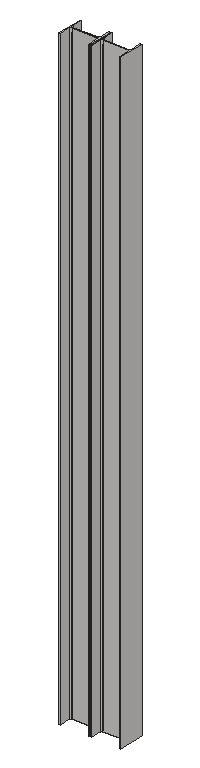
Revit family "Pilar_Met_Dup_Esq", category Structural Columns, Revit 2020
Family settings
  Section Shape = Not Defined
  Material for Model Behavior = Other
  Always export as geometry = No
  Beam cutback in plan = From bounding box
  OmniClass Number = 23.25.30.11.14.11
  OmniClass Title = Columns
  Cut with Voids When Loaded = No
  Symbolic Representation = From Family
  Shared = No
  Show family pre-cut in plan views = Yes
Parameters
  Material_Estrutura_Metalica = Aço, 45-345
  Depth = 500 mm
  Width = 500 mm
Reference planes
  plane 1 "Center (Front/Back)": y = 0
  plane 2: z = 0
  plane 3 "Center (Left/Right)": x = 0
Dimensions and locks
  aligned and locked: level to plane 2
  aligned and locked: level to nested 1  (x3)
  aligned and locked: nested 1 to level
  aligned and locked: level to nested 2  (x3)
  aligned and locked: nested 2 to level
  aligned and locked: plane 3 "Center (Left/Right)" to nested 2
  aligned and locked: nested 1 to nested 2
Nested families
  nested 1: "Pilares W Gerdau" at (-301.5, 0, 0) x (0, 1, 0) z (0, 0, 1), Structural Material <- "Material_Estrutura_Metalica", type "W610X217"
    with pm 217, built-in parameter 1005500 Aço, 45-345, pt 868000 mm, compr 4000 mm, Comprimento 4000 mm
  nested 2: "Pilares W Gerdau" at (-100.5, 0, 0) x (0, 1, 0) z (0, 0, 1), Structural Material <- "Material_Estrutura_Metalica", type "W610X217"
    with pm 217, built-in parameter 1005500 Aço, 45-345, pt 868000 mm, compr 4000 mm, Comprimento 4000 mm
Definition of nested family "Pilares W Gerdau"
  Parameters (values of type "W200X35.9")
    tipo = "200x35.9"
    tip_secao = "W"
    tag = ""
    pt [instance] = compr * pm  # 89750 mm
    pm [instance] = Peso Nominal  # 35.9
    nome = "W200x35.9"
    material = "AÇO ASTM A572 - GR50"
    compr [instance] = Comprimento  # 2500 mm
    Peso Nominal = 35.9
    Width = 165 mm
    Web Thickness = 6.22 mm
    Web Fillet = 10 mm
    Warping Constant = 0.0000868 (stored number, unit not read)
    Torsional Moment of Inertia = 14.4 cm⁴
    Structural Material [instance] = none
    Comprimento [instance] = 2500 mm
    Section Name Key = "W8x24"
    Section Area = 45.7 cm²
    Plastic Modulus weak axis = 140 cm³
    Plastic Modulus strong axis = 379 cm³
    Perimeter = 3.3793 (stored number, unit not read)
    Nominal Weight = 352.06 N/m
    Moment of Inertia weak axis = 762 cm⁴
    Moment of Inertia strong axis = 3440 cm⁴
    Height = 201 mm
    Flange Thickness = 10.2 mm
    Elastic Modulus weak axis = 92.3 cm³
    Elastic Modulus strong axis = 342 cm³
    Centroid Vertical = Height / 2  # 100.5 mm
    Centroid Horizontal = Width / 2  # 82.5 mm
    Assembly Code = ""
  Types (102, lengths in mm): name | tipo | pt | pm | nome | Peso Nominal | Width | Web Thickness | Web Fillet | Warping Constant | Torsional Moment of Inertia | Section Name Key | Section Area | Plastic Modulus weak axis | Plastic Modulus strong axis | Perimeter | Nominal Weight | Moment of Inertia weak axis | Moment of Inertia strong axis | Height | Flange Thickness | Elastic Modulus weak axis | Elastic Modulus strong axis | Centroid Vertical | Centroid Horizontal
    W200X35.9 | "200x35.9" | 89750 | 35.9 | "W200x35.9" | 35.9 | 165 | 6.22 | 10 | 0.0000868 (stored number, unit not read) | 14.4 cm⁴ | "W8x24" | 45.7 cm² | 140 cm³ | 379 cm³ | 3.3793 (stored number, unit not read) | 352.06 N/m | 762 cm⁴ | 3440 cm⁴ | 201 | 10.2 | 92.3 cm³ | 342 cm³ | 100.5 | 82.5
    W610X82 | "610x82" | 205000 | 82 | "W610x82" | 82 | 178 | 10 | 12.9 | 0.001297 (stored number, unit not read) | 49.1 cm⁴ | "W24x55" | 105.0 cm² | 218 cm³ | 2200 cm³ | 6.1352 (stored number, unit not read) | 804.14 N/m | 1210 cm⁴ | 56200 cm⁴ | 599 | 12.8 | 136 cm³ | 1870 cm³ | 299.5 | 89
    W610X92 | "610x92" | 230000 | 92 | "W610x92" | 92 | 179 | 10.9 | 12.7 | 0.0015464 (stored number, unit not read) | 71.2 cm⁴ | "W24x62" | 117.0 cm² | 257 cm³ | 2510 cm³ | 6.1352 (stored number, unit not read) | 902.21 N/m | 1440 cm⁴ | 64500 cm⁴ | 602 | 15 | 161 cm³ | 2150 cm³ | 301 | 89.5
    W610X101 | "610x101" | 252500 | 101 | "W610x101" | 101 | 228 | 10.5 | 12.8 | 0.0031552 (stored number, unit not read) | 77.8 cm⁴ | "W24x68" | 130.0 cm² | 401 cm³ | 2900 cm³ | 6.7913 (stored number, unit not read) | 990.47 N/m | 2930 cm⁴ | 76200 cm⁴ | 602 | 14.9 | 257 cm³ | 2520 cm³ | 301 | 114
    W610X113 | "610x113" | 282500 | 113 | "W610x113" | 113 | 228 | 11.2 | 12.7 | 0.0037164 (stored number, unit not read) | 112 cm⁴ | "W24x76" | 145.0 cm² | 469 cm³ | 3280 cm³ | 6.8241 (stored number, unit not read) | 1108.1 N/m | 3430 cm⁴ | 87400 cm⁴ | 607 | 17.3 | 302 cm³ | 2880 cm³ | 303.5 | 114
    W610X125 | "610x125" | 312500 | 125 | "W610x125" | 125 | 229 | 11.9 | 12.7 | 0.0042901 (stored number, unit not read) | 154 cm⁴ | "W24x84" | 159.0 cm² | 534 cm³ | 3670 cm³ | 6.8898 (stored number, unit not read) | 1225.8 N/m | 3930 cm⁴ | 98600 cm⁴ | 612 | 19.6 | 342 cm³ | 3210 cm³ | 306 | 114.5
    W610X140 | "610x140" | 350000 | 140 | "W610x140" | 140 | 230 | 13.1 | 12.9 | 0.0050259 (stored number, unit not read) | 219 cm⁴ | "W24x94" | 179.0 cm² | 615 cm³ | 4160 cm³ | 6.9226 (stored number, unit not read) | 1372.9 N/m | 4540 cm⁴ | 112000 cm⁴ | 617 | 22.2 | 393 cm³ | 3640 cm³ | 308.5 | 115
    W610X153 | "610x153" | 382500 | 153 | "W610x153" | 153 | 229 | 14 | 12.7 | 0.0055622 (stored number, unit not read) | 294 cm⁴ | "W24x103" | 195.0 cm² | 680 cm³ | 4590 cm³ | 6.9226 (stored number, unit not read) | 1500.4 N/m | 4950 cm⁴ | 125000 cm⁴ | 622 | 24.9 | 434 cm³ | 4010 cm³ | 311 | 114.5
    W610X155 | "610x155" | 387500 | 155 | "W610x155" | 155 | 325 | 12.7 | 12.7 | 0.011785 (stored number, unit not read) | 196 cm⁴ | "W24x104" | 198.0 cm² | 1020 cm³ | 4740 cm³ | 8.1365 (stored number, unit not read) | 1520 N/m | 10800 cm⁴ | 129000 cm⁴ | 612 | 19.1 | 667 cm³ | 4230 cm³ | 306 | 162.5
    W610X174 | "610x174" | 435000 | 174 | "W610x174" | 174 | 325 | 14 | 12.7 | 0.013718 (stored number, unit not read) | 280 cm⁴ | "W24x117" | 222.0 cm² | 1170 cm³ | 5360 cm³ | 8.1365 (stored number, unit not read) | 1706.4 N/m | 12400 cm⁴ | 147000 cm⁴ | 617 | 21.6 | 762 cm³ | 4770 cm³ | 308.5 | 162.5
    W610X195 | "610x195" | 487500 | 195 | "W610x195" | 195 | 328 | 15.4 | 12.7 | 0.015714 (stored number, unit not read) | 395 cm⁴ | "W24x131" | 249.0 cm² | 1340 cm³ | 6060 cm³ | 8.2021 (stored number, unit not read) | 1912.3 N/m | 14200 cm⁴ | 167000 cm⁴ | 622 | 24.4 | 869 cm³ | 5390 cm³ | 311 | 164
    W610X217 | "610x217" | 542500 | 217 | "W610x217" | 217 | 328 | 16.5 | 12.7 | 0.018333 (stored number, unit not read) | 558 cm⁴ | "W24x146" | 277.0 cm² | 1530 cm³ | 6850 cm³ | 8.2349 (stored number, unit not read) | 2128 N/m | 16300 cm⁴ | 191000 cm⁴ | 627 | 27.7 | 991 cm³ | 6080 cm³ | 313.5 | 164
    W530X66 | "530x66" | 165000 | 66 | "W530x66" | 66 | 165 | 8.89 | 12.7 | 0.00070712 (stored number, unit not read) | 32 cm⁴ | "W21x44" | 83.9 cm² | 167 cm³ | 1560 cm³ | 5.479 (stored number, unit not read) | 647.24 N/m | 862 cm⁴ | 35100 cm⁴ | 526 | 11.4 | 104 cm³ | 1340 cm³ | 263 | 82.5
    W530X72 | "530x72" | 180000 | 72 | "W530x72" | 72 | 207 | 8.89 | 12.7 | 0.001322 (stored number, unit not read) | 33.4 cm⁴ | "W21x48" | 91.0 cm² | 244 cm³ | 1750 cm³ | 6.0039 (stored number, unit not read) | 706.08 N/m | 1610 cm⁴ | 39900 cm⁴ | 523 | 10.9 | 156 cm³ | 1520 cm³ | 261.5 | 103.5
    W530X74 | "530x74" | 185000 | 74 | "W530x74" | 74 | 166 | 9.65 | 12.8 | 0.00086052 (stored number, unit not read) | 47.5 cm⁴ | "W21x50" | 94.8 cm² | 200 cm³ | 1800 cm³ | 5.5118 (stored number, unit not read) | 725.69 N/m | 1040 cm⁴ | 41000 cm⁴ | 528 | 13.6 | 125 cm³ | 1550 cm³ | 264 | 83
    W530X82 | "530x82" | 205000 | 82 | "W530x82" | 82 | 209 | 9.53 | 12.6 | 0.0016711 (stored number, unit not read) | 51.6 cm⁴ | "W21x55" | 105.0 cm² | 302 cm³ | 2060 cm³ | 6.0696 (stored number, unit not read) | 804.14 N/m | 2010 cm⁴ | 47500 cm⁴ | 528 | 13.3 | 193 cm³ | 1800 cm³ | 264 | 104.5
    W530X85 | "530x85" | 212500 | 85 | "W530x85" | 85 | 167 | 10.3 | 12.7 | 0.0010688 (stored number, unit not read) | 73.7 cm⁴ | "W21x57" | 108.0 cm² | 243 cm³ | 2110 cm³ | 5.5774 (stored number, unit not read) | 833.56 N/m | 1270 cm⁴ | 48700 cm⁴ | 536 | 16.5 | 153 cm³ | 1820 cm³ | 268 | 83.5
    W530X92 | "530x92" | 230000 | 92 | "W530x92" | 92 | 209 | 10.2 | 12.8 | 0.0019954 (stored number, unit not read) | 76.2 cm⁴ | "W21x62" | 118.0 cm² | 356 cm³ | 2360 cm³ | 6.1024 (stored number, unit not read) | 902.21 N/m | 2390 cm⁴ | 55400 cm⁴ | 533 | 15.6 | 229 cm³ | 2080 cm³ | 266.5 | 104.5
    W530X101 | "530x101" | 252500 | 101 | "W530x101" | 101 | 210 | 10.9 | 12.8 | 0.0022698 (stored number, unit not read) | 102 cm⁴ | "W21x68" | 129.0 cm² | 400 cm³ | 2620 cm³ | 6.1352 (stored number, unit not read) | 990.47 N/m | 2690 cm⁴ | 61600 cm⁴ | 536 | 17.4 | 257 cm³ | 2290 cm³ | 268 | 105
    W530X109 | "530x109" | 272500 | 109 | "W530x109" | 109 | 211 | 11.6 | 12.7 | 0.0024818 (stored number, unit not read) | 126 cm⁴ | "W21x73" | 139.0 cm² | 436 cm³ | 2820 cm³ | 6.1352 (stored number, unit not read) | 1068.9 N/m | 2940 cm⁴ | 66600 cm⁴ | 538 | 18.8 | 279 cm³ | 2470 cm³ | 269 | 105.5
    W530X123 | "530x123" | 307500 | 123 | "W530x123" | 123 | 212 | 13.1 | 12.8 | 0.0028933 (stored number, unit not read) | 181 cm⁴ | "W21x83" | 157.0 cm² | 500 cm³ | 3210 cm³ | 6.2008 (stored number, unit not read) | 1206.2 N/m | 3390 cm⁴ | 76200 cm⁴ | 544 | 21.2 | 320 cm³ | 2800 cm³ | 272 | 106
    W530X138 | "530x138" | 345000 | 138 | "W530x138" | 138 | 214 | 14.7 | 12.7 | 0.0033298 (stored number, unit not read) | 251 cm⁴ | "W21x93" | 176.0 cm² | 569 cm³ | 3620 cm³ | 6.2336 (stored number, unit not read) | 1353.3 N/m | 3870 cm⁴ | 86200 cm⁴ | 549 | 23.6 | 362 cm³ | 3150 cm³ | 274.5 | 107
    W460X52 | "460x52" | 130000 | 52 | "W460x52" | 52 | 152 | 7.62 | 10.2 | 0.00038162 (stored number, unit not read) | 21.1 cm⁴ | "W18x35" | 66.5 cm² | 132 cm³ | 1090 cm³ | 4.8556 (stored number, unit not read) | 509.94 N/m | 637 cm⁴ | 21200 cm⁴ | 450 | 10.8 | 83.9 cm³ | 944 cm³ | 225 | 76
    W460X60 | "460x60" | 150000 | 60 | "W460x60" | 60 | 153 | 8 | 10.2 | 0.00048264 (stored number, unit not read) | 33.7 cm⁴ | "W18x40" | 76.1 cm² | 164 cm³ | 1280 cm³ | 4.8885 (stored number, unit not read) | 588.4 N/m | 795 cm⁴ | 25500 cm⁴ | 455 | 13.3 | 104 cm³ | 1120 cm³ | 227.5 | 76.5
    W460X68 | "460x68" | 170000 | 68 | "W460x68" | 68 | 154 | 9.14 | 10.3 | 0.00057617 (stored number, unit not read) | 50.8 cm⁴ | "W18x46" | 87.1 cm² | 192 cm³ | 1490 cm³ | 4.9213 (stored number, unit not read) | 666.85 N/m | 937 cm⁴ | 29600 cm⁴ | 460 | 15.4 | 122 cm³ | 1290 cm³ | 230 | 77
    W460X74 | "460x74" | 185000 | 74 | "W460x74" | 74 | 191 | 9.02 | 10.2 | 0.0010177 (stored number, unit not read) | 51.6 cm⁴ | "W18x50" | 94.8 cm² | 272 cm³ | 1660 cm³ | 5.3806 (stored number, unit not read) | 725.69 N/m | 1670 cm⁴ | 33300 cm⁴ | 457 | 14.5 | 175 cm³ | 1460 cm³ | 228.5 | 95.5
    W460X82 | "460x82" | 205000 | 82 | "W460x82" | 82 | 191 | 9.91 | 10.2 | 0.0011486 (stored number, unit not read) | 69.1 cm⁴ | "W18x55" | 105.0 cm² | 303 cm³ | 1840 cm³ | 5.4134 (stored number, unit not read) | 804.14 N/m | 1870 cm⁴ | 37000 cm⁴ | 460 | 16 | 195 cm³ | 1610 cm³ | 230 | 95.5
    W460X89 | "460x89" | 222500 | 89 | "W460x89" | 89 | 192 | 10.5 | 10.2 | 0.0012845 (stored number, unit not read) | 90.3 cm⁴ | "W18x60" | 114.0 cm² | 338 cm³ | 2020 cm³ | 5.4134 (stored number, unit not read) | 872.79 N/m | 2090 cm⁴ | 41000 cm⁴ | 462 | 17.7 | 218 cm³ | 1770 cm³ | 231 | 96
    W460X97 | "460x97" | 242500 | 97 | "W460x97" | 97 | 193 | 11.4 | 10.1 | 0.0014217 (stored number, unit not read) | 114 cm⁴ | "W18x65" | 123.0 cm² | 369 cm³ | 2180 cm³ | 5.479 (stored number, unit not read) | 951.24 N/m | 2280 cm⁴ | 44500 cm⁴ | 467 | 19.1 | 236 cm³ | 1920 cm³ | 233.5 | 96.5
    W460X106 | "460x106" | 265000 | 106 | "W460x106" | 106 | 194 | 12.6 | 10.1 | 0.0015714 (stored number, unit not read) | 145 cm⁴ | "W18x71" | 135.0 cm² | 405 cm³ | 2390 cm³ | 5.479 (stored number, unit not read) | 1039.5 N/m | 2510 cm⁴ | 48700 cm⁴ | 470 | 20.6 | 259 cm³ | 2080 cm³ | 235 | 97
    W410X38.8 | "410x38.8" | 97000 | 38.8 | "W410x38.8" | 38.8 | 140 | 6.35 | 10.24 | 0.00018956 (stored number, unit not read) | 10.9 cm⁴ | "W16x26" | 49.5 cm² | 89.8 cm³ | 724 cm³ | 4.3635 (stored number, unit not read) | 380.5 N/m | 399 cm⁴ | 12500 cm⁴ | 399 | 8.76 | 57.2 cm³ | 629 cm³ | 199.5 | 70
    W410X46.1 | "410x46.1" | 115250 | 46.1 | "W410x46.1" | 46.1 | 140 | 6.99 | 10.2 | 0.00024693 (stored number, unit not read) | 19.2 cm⁴ | "W16x31" | 58.9 cm² | 115 cm³ | 885 cm³ | 4.3963 (stored number, unit not read) | 452.08 N/m | 516 cm⁴ | 15600 cm⁴ | 404 | 11.2 | 73.6 cm³ | 773 cm³ | 202 | 70
    W410X53 | "410x53" | 132500 | 53 | "W410x53" | 53 | 178 | 7.49 | 10.2 | 0.00048887 (stored number, unit not read) | 22.7 cm⁴ | "W16x36" | 68.4 cm² | 177 cm³ | 1050 cm³ | 4.8885 (stored number, unit not read) | 519.75 N/m | 1020 cm⁴ | 18600 cm⁴ | 404 | 10.9 | 115 cm³ | 926 cm³ | 202 | 89
    W410X60 | "410x60" | 150000 | 60 | "W410x60" | 60 | 178 | 7.75 | 10.2 | 0.00057991 (stored number, unit not read) | 33 cm⁴ | "W16x40" | 76.1 cm² | 208 cm³ | 1200 cm³ | 4.8885 (stored number, unit not read) | 588.4 N/m | 1200 cm⁴ | 21600 cm⁴ | 406 | 12.8 | 135 cm³ | 1060 cm³ | 203 | 89
    W410X67 | "410x67" | 167500 | 67 | "W410x67" | 67 | 179 | 8.76 | 10.2 | 0.00066597 (stored number, unit not read) | 46.2 cm⁴ | "W16x45" | 85.8 cm² | 238 cm³ | 1350 cm³ | 4.9213 (stored number, unit not read) | 657.04 N/m | 1370 cm⁴ | 24400 cm⁴ | 409 | 14.4 | 153 cm³ | 1190 cm³ | 204.5 | 89.5
    W410X75 | "410x75" | 187500 | 75 | "W410x75" | 75 | 180 | 9.65 | 10.2 | 0.00076075 (stored number, unit not read) | 63.3 cm⁴ | "W16x50" | 94.8 cm² | 267 cm³ | 1510 cm³ | 4.9541 (stored number, unit not read) | 735.5 N/m | 1550 cm⁴ | 27400 cm⁴ | 414 | 16 | 172 cm³ | 1330 cm³ | 207 | 90
    W410X85 | "410x85" | 212500 | 85 | "W410x85" | 85 | 181 | 10.9 | 10.2 | 0.00089045 (stored number, unit not read) | 92.4 cm⁴ | "W16x57" | 108.0 cm² | 310 cm³ | 1720 cm³ | 4.9869 (stored number, unit not read) | 833.56 N/m | 1790 cm⁴ | 31600 cm⁴ | 417 | 18.2 | 198 cm³ | 1510 cm³ | 208.5 | 90.5
    W360X32.9 | "360x32.9" | 82250 | 32.9 | "W360x32.9" | 32.9 | 127 | 5.84 | 10.19 | 0.00010513 (stored number, unit not read) | 8.66 cm⁴ | "W14x22" | 41.9 cm² | 71.9 cm³ | 544 cm³ | 3.8714 (stored number, unit not read) | 322.64 N/m | 291 cm⁴ | 8280 cm⁴ | 348 | 8.51 | 45.9 cm³ | 475 cm³ | 174 | 63.5
    W360X39 | "360x39" | 97500 | 39 | "W360x39" | 39 | 128 | 6.48 | 10.1 | 0.00013594 (stored number, unit not read) | 14.9 cm⁴ | "W14x26" | 49.6 cm² | 90.8 cm³ | 659 cm³ | 3.9042 (stored number, unit not read) | 382.46 N/m | 371 cm⁴ | 10200 cm⁴ | 353 | 10.7 | 58.2 cm³ | 578 cm³ | 176.5 | 64
    W360X44 | "360x44" | 110000 | 44 | "W360x44" | 44 | 171 | 6.86 | 10.12 | 0.00026439 (stored number, unit not read) | 24.3 cm⁴ | "W14x30" | 57.1 cm² | 147 cm³ | 775 cm³ | 4.4291 (stored number, unit not read) | 431.49 N/m | 1520 cm⁴ | 7120 cm⁴ | 351 | 11 | 151 cm³ | 574 cm³ | 175.5 | 85.5
    W360X51 | "360x51" | 127500 | 51 | "W360x51" | 51 | 171 | 7.24 | 10.1 | 0.00035793 (stored number, unit not read) | 23.7 cm⁴ | "W14x34" | 64.5 cm² | 174 cm³ | 895 cm³ | 4.4619 (stored number, unit not read) | 500.14 N/m | 970 cm⁴ | 14200 cm⁴ | 356 | 11.6 | 113 cm³ | 796 cm³ | 178 | 85.5
    W360X57.8 | "360x57.8" | 144500 | 57.8 | "W360x57.8" | 57.8 | 172 | 7.87 | 10.1 | 0.00041155 (stored number, unit not read) | 33.2 cm⁴ | "W14x38" | 72.3 cm² | 198 cm³ | 1010 cm³ | 4.4948 (stored number, unit not read) | 566.82 N/m | 1110 cm⁴ | 16000 cm⁴ | 358 | 13.1 | 129 cm³ | 895 cm³ | 179 | 86
    W360X64 | "360x64" | 160000 | 64 | "W360x64" | 64 | 203 | 7.75 | 14.9 | 0.00065349 (stored number, unit not read) | 43.7 cm⁴ | "W14x43" | 81.3 cm² | 283 cm³ | 1140 cm³ | 4.8228 (stored number, unit not read) | 627.62 N/m | 1880 cm⁴ | 17800 cm⁴ | 348 | 13.5 | 185 cm³ | 1030 cm³ | 174 | 101.5
    W360X72 | "360x72" | 180000 | 72 | "W360x72" | 72 | 204 | 8.64 | 15.1 | 0.00075077 (stored number, unit not read) | 60.4 cm⁴ | "W14x48" | 91.0 cm² | 321 cm³ | 1280 cm³ | 4.8228 (stored number, unit not read) | 706.08 N/m | 2140 cm⁴ | 20100 cm⁴ | 351 | 15.1 | 210 cm³ | 1150 cm³ | 175.5 | 102
    W360X79 | "360x79" | 197500 | 79 | "W360x79" | 79 | 205 | 9.4 | 15 | 0.00085054 (stored number, unit not read) | 80.7 cm⁴ | "W14x53" | 101.0 cm² | 361 cm³ | 1430 cm³ | 4.8556 (stored number, unit not read) | 774.72 N/m | 2400 cm⁴ | 22500 cm⁴ | 353 | 16.8 | 234 cm³ | 1270 cm³ | 176.5 | 102.5
    W360X91 | "360x91" | 227500 | 91 | "W360x91" | 91 | 254 | 9.53 | 15.1 | 0.0015714 (stored number, unit not read) | 91.2 cm⁴ | "W14x61" | 115.0 cm² | 537 cm³ | 1670 cm³ | 5.5118 (stored number, unit not read) | 892.4 N/m | 4450 cm⁴ | 26600 cm⁴ | 353 | 16.4 | 352 cm³ | 1510 cm³ | 176.5 | 127
    W360X101 | "360x101" | 252500 | 101 | "W360x101" | 101 | 254 | 10.5 | 15 | 0.0017959 (stored number, unit not read) | 125 cm⁴ | "W14x68" | 129.0 cm² | 605 cm³ | 1880 cm³ | 5.5118 (stored number, unit not read) | 990.47 N/m | 5040 cm⁴ | 30100 cm⁴ | 356 | 18.3 | 397 cm³ | 1690 cm³ | 178 | 127
    W360X110 | "360x110" | 275000 | 110 | "W360x110" | 110 | 257 | 11.4 | 15.2 | 0.0020079 (stored number, unit not read) | 161 cm⁴ | "W14x74" | 141.0 cm² | 664 cm³ | 2060 cm³ | 5.5774 (stored number, unit not read) | 1078.7 N/m | 5580 cm⁴ | 33100 cm⁴ | 361 | 19.9 | 436 cm³ | 1840 cm³ | 180.5 | 128.5
    W360X122 | "360x122" | 305000 | 122 | "W360x122" | 122 | 257 | 13 | 15.1 | 0.0022448 (stored number, unit not read) | 211 cm⁴ | "W14x82" | 155.0 cm² | 734 cm³ | 2280 cm³ | 5.5774 (stored number, unit not read) | 1196.4 N/m | 6160 cm⁴ | 36700 cm⁴ | 363 | 21.7 | 480 cm³ | 2020 cm³ | 181.5 | 128.5
    W310X21 | "310x21" | 52500 | 21 | "W310x21" | 21 | 101 | 5.08 | 7.58 | 0.000026938 (stored number, unit not read) | 2.93 cm⁴ | "W12x14" | 26.8 cm² | 31.1 cm³ | 285 cm³ | 3.2349 (stored number, unit not read) | 205.94 N/m | 98.2 cm⁴ | 3690 cm⁴ | 302 | 5.72 | 19.5 cm³ | 244 cm³ | 151 | 50.5
    W310X23.8 | "310x23.8" | 59500 | 23.8 | "W310x23.8" | 23.8 | 101 | 5.59 | 7.67 | 0.000032425 (stored number, unit not read) | 4.29 cm⁴ | "W12x16" | 30.4 cm² | 37 cm³ | 329 cm³ | 3.2513 (stored number, unit not read) | 233.4 N/m | 117 cm⁴ | 4290 cm⁴ | 305 | 6.73 | 23.1 cm³ | 280 cm³ | 152.5 | 50.5
    W310X28.3 | "310x28.3" | 70750 | 28.3 | "W310x28.3" | 28.3 | 102 | 5.97 | 7.61 | 0.000043899 (stored number, unit not read) | 7.49 cm⁴ | "W12x19" | 35.9 cm² | 48.8 cm³ | 405 cm³ | 3.2808 (stored number, unit not read) | 277.53 N/m | 157 cm⁴ | 5410 cm⁴ | 310 | 8.89 | 30.8 cm³ | 349 cm³ | 155 | 51
    W310X32.7 | "W310x32.7" | 81750 | 32.7 | "W310x32.7" | 32.7 | 102 | 6.6 | 7.6 | 0.000054874 (stored number, unit not read) | 12.2 cm⁴ | "W12x22" | 41.8 cm² | 60 cm³ | 480 cm³ | 3.3136 (stored number, unit not read) | 320.68 N/m | 194 cm⁴ | 6490 cm⁴ | 312 | 10.8 | 37.9 cm³ | 416 cm³ | 156 | 51
    W310X38.7 | "310x38.7" | 96750 | 38.7 | "W310x38.7" | 38.7 | 165 | 5.84 | 7.65 | 0.00020328 (stored number, unit not read) | 12.5 cm⁴ | "W12x26" | 49.4 cm² | 134 cm³ | 610 cm³ | 4.101 (stored number, unit not read) | 379.52 N/m | 720 cm⁴ | 8490 cm⁴ | 310 | 9.65 | 87.5 cm³ | 547 cm³ | 155 | 82.5
    W310X44.5 | "310x44.5" | 111250 | 44.5 | "W310x44.5" | 44.5 | 166 | 6.6 | 7.6 | 0.0002407 (stored number, unit not read) | 19 cm⁴ | "W12x30" | 56.7 cm² | 157 cm³ | 706 cm³ | 4.1339 (stored number, unit not read) | 436.39 N/m | 845 cm⁴ | 9910 cm⁴ | 312 | 11.2 | 102 cm³ | 633 cm³ | 156 | 83
    W310X52 | "310x52" | 130000 | 52 | "W310x52" | 52 | 167 | 7.62 | 7.6 | 0.00029432 (stored number, unit not read) | 30.8 cm⁴ | "W12x35" | 66.5 cm² | 188 cm³ | 839 cm³ | 4.1667 (stored number, unit not read) | 509.94 N/m | 1020 cm⁴ | 11900 cm⁴ | 318 | 13.2 | 122 cm³ | 747 cm³ | 159 | 83.5
    W310X60* | "310x60*" | 150000 | 60 | "W310x60*" | 60 | 203 | 7.5 | 6.35 | 0.000000479 (stored number, unit not read) | 40.46 cm⁴ | "W12x40" | 0.761 cm² | 275.4 cm³ | 944.3 cm³ | 4.5276 (stored number, unit not read) | 588.4 N/m | 1829 cm⁴ | 12908 cm⁴ | 303 | 13.1 | 180.2 cm³ | 852 cm³ | 151.5 | 101.5
    W310X67* | "310x67*" | 167500 | 67 | "W310x67*" | 67 | 204 | 8.5 | 6.35 | 0.000000547 (stored number, unit not read) | 55.35 cm⁴ | "W12x45" | 0.853 cm² | 310.5 cm³ | 1060.4 cm³ | 4.5276 (stored number, unit not read) | 657.04 N/m | 2069 cm⁴ | 14559 cm⁴ | 306 | 14.6 | 202.8 cm³ | 951.5 cm³ | 153 | 102
    W310X74* | "310x74" | 185000 | 74 | "W310x74*" | 74 | 205 | 9.4 | 6.35 | 0.000000629 (stored number, unit not read) | 75.51 cm⁴ | "W12x50" | 0.951 cm² | 350.5 cm³ | 1192 cm³ | 4.5604 (stored number, unit not read) | 725.69 N/m | 2344 cm⁴ | 16501 cm⁴ | 310 | 16.3 | 228.7 cm³ | 1064.6 cm³ | 155 | 102.5
    W310X79 | "310x79" | 197500 | 79 | "W310x79" | 79 | 254 | 8.76 | 15.4 | 0.0010588 (stored number, unit not read) | 65.8 cm⁴ | "W12x53" | 101.0 cm² | 477 cm³ | 1280 cm³ | 5.2165 (stored number, unit not read) | 774.72 N/m | 3990 cm⁴ | 17700 cm⁴ | 307 | 14.6 | 315 cm³ | 1160 cm³ | 153.5 | 127
    W310X97 | "310x97" | 242500 | 97 | "W310x97" | 97 | 305 | 9.91 | 15.1 | 0.001933 (stored number, unit not read) | 90.7 cm⁴ | "W12x65" | 123.0 cm² | 723 cm³ | 1590 cm³ | 5.8727 (stored number, unit not read) | 951.24 N/m | 7240 cm⁴ | 22200 cm⁴ | 307 | 15.4 | 477 cm³ | 1440 cm³ | 153.5 | 152.5
    W310X107 | "310x107" | 267500 | 107 | "W310x107" | 107 | 305 | 10.9 | 15.3 | 0.0021949 (stored number, unit not read) | 122 cm⁴ | "W12x72" | 136.0 cm² | 806 cm³ | 1770 cm³ | 5.9055 (stored number, unit not read) | 1049.3 N/m | 8120 cm⁴ | 24800 cm⁴ | 312 | 17 | 531 cm³ | 1600 cm³ | 156 | 152.5
    W310X117 | "310x117" | 292500 | 117 | "W310x117" | 117 | 307 | 11.9 | 15.1 | 0.0024568 (stored number, unit not read) | 160 cm⁴ | "W12x79" | 150.0 cm² | 890 cm³ | 1950 cm³ | 5.9383 (stored number, unit not read) | 1147.4 N/m | 8990 cm⁴ | 27600 cm⁴ | 315 | 18.7 | 587 cm³ | 1750 cm³ | 157.5 | 153.5
    W310X129 | "310x129" | 322500 | 129 | "W310x129" | 129 | 307 | 13.1 | 15.2 | 0.0027686 (stored number, unit not read) | 212 cm⁴ | "W12x87" | 165.0 cm² | 990 cm³ | 2160 cm³ | 5.9383 (stored number, unit not read) | 1265.1 N/m | 10000 cm⁴ | 30800 cm⁴ | 318 | 20.6 | 651 cm³ | 1930 cm³ | 159 | 153.5
    W310X143 | "310x143" | 357500 | 143 | "W310x143" | 143 | 310 | 14 | 15.2 | 0.0031552 (stored number, unit not read) | 285 cm⁴ | "W12x96" | 182.0 cm² | 1110 cm³ | 2410 cm³ | 6.0039 (stored number, unit not read) | 1402.3 N/m | 11200 cm⁴ | 34700 cm⁴ | 323 | 22.9 | 728 cm³ | 2150 cm³ | 161.5 | 155
    W310X158 | "310x158" | 395000 | 158 | "W310x158" | 158 | 310 | 15.5 | 15.3 | 0.0035793 (stored number, unit not read) | 380 cm⁴ | "W12x106" | 201.0 cm² | 1230 cm³ | 2690 cm³ | 6.0367 (stored number, unit not read) | 1549.4 N/m | 12500 cm⁴ | 38800 cm⁴ | 328 | 25.1 | 808 cm³ | 2380 cm³ | 164 | 155
    W310X179 | "310x179" | 447500 | 179 | "W310x179" | 179 | 312 | 18 | 15 | 0.0041529 (stored number, unit not read) | 537 cm⁴ | "W12x120" | 227.0 cm² | 1400 cm³ | 3050 cm³ | 6.0696 (stored number, unit not read) | 1755.4 N/m | 14400 cm⁴ | 44500 cm⁴ | 333 | 28.2 | 918 cm³ | 2670 cm³ | 166.5 | 156
    W310X202 | "310x202" | 505000 | 202 | "W310x202" | 202 | 315 | 20.1 | 15.2 | 0.0049261 (stored number, unit not read) | 770 cm⁴ | "W12x136" | 257.0 cm² | 1610 cm³ | 3510 cm³ | 6.1352 (stored number, unit not read) | 1980.9 N/m | 16600 cm⁴ | 51600 cm⁴ | 340 | 31.8 | 1050 cm³ | 3050 cm³ | 170 | 157.5
    W250X17.9 | "250x17.9" | 44750 | 17.9 | "W250x17.9" | 17.9 | 101 | 4.83 | 7.67 | 0.000017086 (stored number, unit not read) | 2.28 cm⁴ | "W10x12" | 22.8 cm² | 28.5 cm³ | 206 cm³ | 2.8904 (stored number, unit not read) | 175.54 N/m | 90.7 cm⁴ | 2240 cm⁴ | 251 | 5.33 | 18 cm³ | 179 cm³ | 125.5 | 50.5
    W250X22.3 | "250x22.3" | 55750 | 22.3 | "W250x22.3" | 22.3 | 102 | 5.84 | 7.64 | 0.000022822 (stored number, unit not read) | 4.33 cm⁴ | "W10x15" | 28.5 cm² | 37.7 cm³ | 262 cm³ | 2.9167 (stored number, unit not read) | 218.69 N/m | 120 cm⁴ | 2870 cm⁴ | 254 | 6.86 | 23.8 cm³ | 226 cm³ | 127 | 51
    W250X25.3 | "250x25.3" | 130750 | 52.3 | "W250x25.3" | 52.3 | 102 | 6.1 | 7.62 | 0.000028559 (stored number, unit not read) | 6.49 cm⁴ | "W10x17" | 32.2 cm² | 45.9 cm³ | 306 cm³ | 2.9331 (stored number, unit not read) | 248.11 N/m | 148 cm⁴ | 3410 cm⁴ | 257 | 8.38 | 29.2 cm³ | 265 cm³ | 128.5 | 51
    W250X28.4 | "250x28.4" | 71000 | 28.4 | "W250x28.4" | 28.4 | 102 | 6.35 | 7.7 | 0.000034795 (stored number, unit not read) | 9.7 cm⁴ | "W10x19" | 36.3 cm² | 54.9 cm³ | 354 cm³ | 2.9593 (stored number, unit not read) | 278.51 N/m | 179 cm⁴ | 4010 cm⁴ | 259 | 10 | 35.1 cm³ | 308 cm³ | 129.5 | 51
    W250X32.7 | "250x32.7" | 81750 | 32.7 | "W250x32.7" | 32.7 | 146 | 6.1 | 7.66 | 0.000092038 (stored number, unit not read) | 9.95 cm⁴ | "W10x22" | 41.9 cm² | 100 cm³ | 426 cm³ | 3.5433 (stored number, unit not read) | 320.68 N/m | 475 cm⁴ | 4910 cm⁴ | 259 | 9.14 | 65.1 cm³ | 380 cm³ | 129.5 | 73
    W250X38.5 | "250x38.5" | 96250 | 38.5 | "W250x38.5" | 38.5 | 147 | 6.6 | 7.6 | 0.00011548 (stored number, unit not read) | 16.7 cm⁴ | "W10x26" | 49.1 cm² | 123 cm³ | 513 cm³ | 3.5433 (stored number, unit not read) | 377.55 N/m | 587 cm⁴ | 5990 cm⁴ | 262 | 11.2 | 80.1 cm³ | 457 cm³ | 131 | 73.5
    W250X44.8 | "250x44.8" | 112000 | 44.8 | "W250x44.8" | 44.8 | 148 | 7.62 | 7.6 | 0.00013843 (stored number, unit not read) | 25.9 cm⁴ | "W10x30" | 57.0 cm² | 145 cm³ | 600 cm³ | 3.5761 (stored number, unit not read) | 439.34 N/m | 695 cm⁴ | 7080 cm⁴ | 267 | 13 | 94.2 cm³ | 531 cm³ | 133.5 | 74
    W250X73 | "250x73" | 182500 | 73 | "W250x73" | 73 | 254 | 8.64 | 12.7 | 0.0006934 (stored number, unit not read) | 57.9 cm⁴ | "W10x49" | 92.9 cm² | 464 cm³ | 990 cm³ | 4.8885 (stored number, unit not read) | 715.88 N/m | 3890 cm⁴ | 11300 cm⁴ | 254 | 14.2 | 306 cm³ | 895 cm³ | 127 | 127
    W250X80 | "250x80" | 200000 | 80 | "W250x80" | 80 | 254 | 9.4 | 12.8 | 0.00077696 (stored number, unit not read) | 75.8 cm⁴ | "W10x54" | 102.0 cm² | 513 cm³ | 1090 cm³ | 4.8885 (stored number, unit not read) | 784.53 N/m | 4290 cm⁴ | 12600 cm⁴ | 257 | 15.6 | 338 cm³ | 983 cm³ | 128.5 | 127
    W250X89 | "250x89" | 222500 | 89 | "W250x89" | 89 | 257 | 10.7 | 12.7 | 0.00088421 (stored number, unit not read) | 103 cm⁴ | "W10x60" | 114.0 cm² | 574 cm³ | 1220 cm³ | 4.9213 (stored number, unit not read) | 872.79 N/m | 4830 cm⁴ | 14200 cm⁴ | 259 | 17.3 | 377 cm³ | 1090 cm³ | 129.5 | 128.5
    W250X101 | "250x101" | 252500 | 101 | "W250x101" | 101 | 257 | 11.9 | 12.7 | 0.0010376 (stored number, unit not read) | 148 cm⁴ | "W10x68" | 128.0 cm² | 657 cm³ | 1400 cm³ | 4.9541 (stored number, unit not read) | 990.47 N/m | 5580 cm⁴ | 16400 cm⁴ | 264 | 19.6 | 433 cm³ | 1240 cm³ | 132 | 128.5
    W250X115 | "250x115" | 287500 | 115 | "W250x115" | 115 | 259 | 13.5 | 12.7 | 0.0012159 (stored number, unit not read) | 213 cm⁴ | "W10x77" | 146.0 cm² | 752 cm³ | 1600 cm³ | 5.0197 (stored number, unit not read) | 1127.8 N/m | 6410 cm⁴ | 18900 cm⁴ | 269 | 22.1 | 493 cm³ | 1410 cm³ | 134.5 | 129.5
    W250X131 | "250x131" | 327500 | 131 | "W250x131" | 131 | 262 | 15.4 | 12.7 | 0.0014467 (stored number, unit not read) | 313 cm⁴ | "W10x88" | 168.0 cm² | 870 cm³ | 1850 cm³ | 5.0525 (stored number, unit not read) | 1284.7 N/m | 7450 cm⁴ | 22200 cm⁴ | 274 | 25.1 | 570 cm³ | 1610 cm³ | 137 | 131
    W250X149 | "250x149" | 372500 | 149 | "W250x149" | 149 | 262 | 17.3 | 12.7 | 0.001721 (stored number, unit not read) | 454 cm⁴ | "W10x100" | 189.0 cm² | 1000 cm³ | 2130 cm³ | 5.0853 (stored number, unit not read) | 1461.2 N/m | 8620 cm⁴ | 25900 cm⁴ | 282 | 28.4 | 655 cm³ | 1840 cm³ | 141 | 131
    W250X167 | "250x167" | 417500 | 167 | "W250x167" | 167 | 264 | 19.2 | 12.7 | 0.0020203 (stored number, unit not read) | 629 cm⁴ | "W10x112" | 212.0 cm² | 1130 cm³ | 2410 cm³ | 5.1509 (stored number, unit not read) | 1637.7 N/m | 9820 cm⁴ | 29800 cm⁴ | 290 | 31.8 | 742 cm³ | 2060 cm³ | 145 | 132
    W200X15 | "200x15" | 37500 | 15 | "W200x15" | 15 | 100 | 4.32 | 7.59 | 0.000010351 (stored number, unit not read) | 1.77 cm⁴ | "W8x10" | 19.1 cm² | 27.2 cm³ | 145 cm³ | 2.5591 (stored number, unit not read) | 147.1 N/m | 87 cm⁴ | 1280 cm⁴ | 200 | 5.21 | 17.4 cm³ | 128 cm³ | 100 | 50
    W200X19.3 | "200x19.3" | 48250 | 19.3 | "W200x19.3" | 19.3 | 102 | 5.84 | 7.62 | 0.000013718 (stored number, unit not read) | 3.63 cm⁴ | "W8x13" | 24.8 cm² | 35.2 cm³ | 187 cm³ | 2.582 (stored number, unit not read) | 189.27 N/m | 114 cm⁴ | 1650 cm⁴ | 203 | 6.48 | 22.5 cm³ | 162 cm³ | 101.5 | 51
    W200X22.5 | "200x22.5" | 56250 | 22.5 | "W200x22.5" | 22.5 | 102 | 6.22 | 7.6 | 0.000017335 (stored number, unit not read) | 5.7 cm⁴ | "W8x15" | 28.6 cm² | 43.8 cm³ | 223 cm³ | 2.6083 (stored number, unit not read) | 220.65 N/m | 142 cm⁴ | 2000 cm⁴ | 206 | 8 | 27.9 cm³ | 193 cm³ | 103 | 51
    W200X26.6 | "200x26.6" | 66500 | 26.6 | "W200x26.6" | 26.6 | 133 | 5.84 | 7.62 | 0.000040906 (stored number, unit not read) | 7.16 cm⁴ | "W8x18" | 33.9 cm² | 76.4 cm³ | 279 cm³ | 3.0249 (stored number, unit not read) | 260.86 N/m | 332 cm⁴ | 2580 cm⁴ | 207 | 8.38 | 49.8 cm³ | 249 cm³ | 103.5 | 66.5
    W200X31.3 | "200x31.3" | 78250 | 31.3 | "W200x31.3" | 31.3 | 134 | 6.35 | 7.6 | 0.000050883 (stored number, unit not read) | 11.7 cm⁴ | "W8x21" | 39.7 cm² | 93.2 cm³ | 334 cm³ | 3.0512 (stored number, unit not read) | 306.95 N/m | 407 cm⁴ | 3130 cm⁴ | 210 | 10.2 | 60.8 cm³ | 298 cm³ | 105 | 67
    W200X41.7 | "200x41.7" | 104250 | 41.7 | "W200x41.7" | 41.7 | 166 | 7.24 | 10 | 0.00010451 (stored number, unit not read) | 22.4 cm⁴ | "W8x28" | 53.2 cm² | 166 cm³ | 446 cm³ | 3.4121 (stored number, unit not read) | 408.94 N/m | 903 cm⁴ | 4080 cm⁴ | 205 | 11.8 | 109 cm³ | 398 cm³ | 102.5 | 83
    W200X46.1 | "200x46.1" | 115250 | 46.1 | "W200x46.1" | 46.1 | 203 | 7.24 | 10.1 | 0.00017709 (stored number, unit not read) | 22.3 cm⁴ | "W8x31" | 58.9 cm² | 231 cm³ | 498 cm³ | 3.9042 (stored number, unit not read) | 452.08 N/m | 1540 cm⁴ | 4580 cm⁴ | 203 | 11 | 152 cm³ | 451 cm³ | 101.5 | 101.5
    W200X52 | "200x52" | 130000 | 52 | "W200x52" | 52 | 204 | 7.87 | 10 | 0.00020702 (stored number, unit not read) | 32 cm⁴ | "W8x35" | 66.5 cm² | 264 cm³ | 569 cm³ | 3.9042 (stored number, unit not read) | 509.94 N/m | 1770 cm⁴ | 5290 cm⁴ | 206 | 12.6 | 174 cm³ | 511 cm³ | 103 | 102
    W200X59 | "200x59" | 147500 | 59 | "W200x59" | 59 | 205 | 9.14 | 10 | 0.00024319 (stored number, unit not read) | 46.6 cm⁴ | "W8x40" | 75.5 cm² | 303 cm³ | 652 cm³ | 3.937 (stored number, unit not read) | 578.59 N/m | 2040 cm⁴ | 6080 cm⁴ | 210 | 14.2 | 200 cm³ | 582 cm³ | 105 | 102.5
    W200X71 | "200x71" | 177500 | 71 | "W200x71" | 71 | 206 | 10.2 | 10 | 0.00031178 (stored number, unit not read) | 81.6 cm⁴ | "W8x48" | 91.0 cm² | 375 cm³ | 803 cm³ | 4.0026 (stored number, unit not read) | 696.27 N/m | 2530 cm⁴ | 7660 cm⁴ | 216 | 17.4 | 246 cm³ | 708 cm³ | 108 | 103
    W200X86 | "200x86" | 215000 | 86 | "W200x86" | 86 | 209 | 13 | 9.9 | 0.00039534 (stored number, unit not read) | 139 cm⁴ | "W8x58" | 110.0 cm² | 457 cm³ | 980 cm³ | 4.0682 (stored number, unit not read) | 843.37 N/m | 3130 cm⁴ | 9490 cm⁴ | 222 | 20.6 | 300 cm³ | 852 cm³ | 111 | 104.5
    W200X100 | "200x100" | 250000 | 100 | "W200x100" | 100 | 210 | 14.5 | 10.1 | 0.00048264 (stored number, unit not read) | 210 cm⁴ | "W8x67" | 127.0 cm² | 536 cm³ | 1150 cm³ | 4.101 (stored number, unit not read) | 980.66 N/m | 3690 cm⁴ | 11300 cm⁴ | 229 | 23.7 | 351 cm³ | 990 cm³ | 114.5 | 105
    W150X13 | "150x13" | 32500 | 13 | "W150x13" | 13 | 100 | 4.32 | 6.35 | 0.000005288 (stored number, unit not read) | 1.39 cm⁴ | "W6x8.5" | 16.3 cm² | 25.6 cm³ | 93.9 cm³ | 2.2244 (stored number, unit not read) | 127.49 N/m | 82.8 cm⁴ | 620 cm⁴ | 148 | 4.95 | 16.6 cm³ | 83.6 cm³ | 74 | 50
    W150X18 | "150x18" | 45000 | 18 | "W150x18" | 18 | 102 | 5.84 | 6.39 | 0.000008268 (stored number, unit not read) | 3.76 cm⁴ | "W6x12" | 22.9 cm² | 38 cm³ | 136 cm³ | 2.2671 (stored number, unit not read) | 176.52 N/m | 124 cm⁴ | 920 cm⁴ | 153 | 7.11 | 24.6 cm³ | 120 cm³ | 76.5 | 51
    W150X24 | "150x24" | 60000 | 24 | "W150x24" | 24 | 102 | 6.6 | 6.3 | 0.000012845 (stored number, unit not read) | 9.28 cm⁴ | "W6x16" | 30.6 cm² | 55.6 cm³ | 192 cm³ | 2.3097 (stored number, unit not read) | 235.36 N/m | 184 cm⁴ | 1340 cm⁴ | 160 | 10.3 | 36.1 cm³ | 167 cm³ | 80 | 51
    W150X22.5 | "150x22.5" | 56250 | 22.5 | "W150x22.5" | 22.5 | 152 | 5.84 | 6.4 | 0.000025566 (stored number, unit not read) | 4.2 cm⁴ | "W6x15" | 28.6 cm² | 77.8 cm³ | 177 cm³ | 2.9265 (stored number, unit not read) | 220.65 N/m | 388 cm⁴ | 1210 cm⁴ | 152 | 6.6 | 51 cm³ | 159 cm³ | 76 | 76
    W150X29.8 | "150x29.8" | 74500 | 29.8 | "W150x29.8" | 29.8 | 153 | 6.6 | 6.33 | 0.000037788 (stored number, unit not read) | 9.99 cm⁴ | "W6x20" | 37.9 cm² | 110 cm³ | 246 cm³ | 2.9593 (stored number, unit not read) | 292.24 N/m | 554 cm⁴ | 1720 cm⁴ | 157 | 9.27 | 72.3 cm³ | 220 cm³ | 78.5 | 76.5
    W150X37.1 | "150x37.1" | 92750 | 37.1 | "W150x37.1" | 37.1 | 154 | 8.13 | 6.3 | 0.000050259 (stored number, unit not read) | 19.2 cm⁴ | "W6x25" | 47.4 cm² | 140 cm³ | 310 cm³ | 2.9987 (stored number, unit not read) | 363.83 N/m | 712 cm⁴ | 2220 cm⁴ | 162 | 11.6 | 91.9 cm³ | 274 cm³ | 81 | 77
    W360X44.6 | "360x44.6" | 111500 | 44.6 | "W360x44.6" | 44.6 | 171 | 6.86 | 10.12 | 0.00029682 (stored number, unit not read) | 15.8 cm⁴ | "W14x30" | 57.1 cm² | 147 cm³ | 775 cm³ | 4.4291 (stored number, unit not read) | 431.49 N/m | 816 cm⁴ | 12100 cm⁴ | 351 | 9.78 | 95.4 cm³ | 688 cm³ | 175.5 | 85.5
  Reference planes
    plane 1: y = 0
    plane 2: z = 0
    plane 3: x = 0
    plane 4: x = -82.5
    plane 5: x = 82.5
    plane 6: y = 100.5
    plane 7: y = -100.5
    plane 8: x = -3.969
    plane 9: x = 3.969
  Forms (mm)
    Extrusion 1, solid, material <- "Structural Material", detail levels medium
      sketch origin (0, 0, 0) x (1, 0, 0) y (0, 1, 0)
        loop
          line (-82.5, 100.5) -> (-82.5, 90.3) -> (-3.11, 90.3) -> (-3.11, -90.3) -> (-82.5, -90.3) -> (-82.5, -100.5) -> (82.5, -100.5) -> (82.5, -90.3) -> (3.11, -90.3) -> (3.11, 90.3) -> (82.5, 90.3) -> (82.5, 100.5) -> (-82.5, 100.5)
      from 0 to 2500
    Extrusion 2, solid, material <- "Structural Material", detail levels fine
      sketch origin (0, 0, 0) x (1, 0, 0) y (0, 1, 0)
        loop
          line (-82.5, 100.5) -> (-82.5, 90.3) -> (-13.11, 90.3)
          arc (-13.11, 90.3) -> (-6.039, 87.371) -> (-3.11, 80.3) r 10
          line (-3.11, 80.3) -> (-3.11, -80.3)
          arc (-3.11, -80.3) -> (-6.039, -87.371) -> (-13.11, -90.3) r 10
          line (-13.11, -90.3) -> (-82.5, -90.3) -> (-82.5, -100.5) -> (82.5, -100.5) -> (82.5, -90.3) -> (13.11, -90.3)
          arc (13.11, -90.3) -> (6.039, -87.371) -> (3.11, -80.3) r 10
          line (3.11, -80.3) -> (3.11, 80.3)
          arc (3.11, 80.3) -> (6.039, 87.371) -> (13.11, 90.3) r 10
          line (13.11, 90.3) -> (82.5, 90.3) -> (82.5, 100.5) -> (-82.5, 100.5)
      from 0 to 2500
  Lines and regions (mm)
    symbolic lines, detail levels coarse
      curve 1: line (-82.5, 100.5, 0) -> (82.5, 100.5, 0)
      curve 2: line (-82.5, -100.5, 0) -> (82.5, -100.5, 0)
      curve 3: line (0, 100.5, 0) -> (0, -100.5, 0)
    symbolic lines, detail levels medium+fine
      curve 4: line (-3.969, 0, 0) -> (-3.969, 0, 2500)
      curve 5: line (3.969, 0, 2500) -> (3.969, 0, 0)
  Dimensions and locks
    equal spacing: plane 4, plane 3, plane 5
    equal spacing: plane 7, plane 1, plane 6
    "Height": plane 7 to plane 6
    "Width": plane 4 to plane 5
    "Flange Thickness": plane 7 to Extrusion 1 sketch curve
    "Flange Thickness": Extrusion 1 sketch curve to plane 6
    equal spacing: Extrusion 1 sketch curve, plane 3, Extrusion 1 sketch curve
    "Web Thickness": Extrusion 1 sketch curve to Extrusion 1 sketch curve
    "Comprimento": level to level
    "Web Fillet": radius of Extrusion 2 sketch curve  (x4)
    aligned and locked: plane 6 to Extrusion 1 sketch curve
    aligned and locked: Extrusion 1 sketch curve to plane 7
    aligned and locked: Extrusion 1 sketch curve to plane 4  (x2)
    aligned and locked: plane 5 to Extrusion 1 sketch curve  (x2)
    aligned and locked: Extrusion 1 sketch curve to Extrusion 1 sketch curve  (x2)
    aligned and locked: level to Extrusion 1
    aligned and locked: level to plane 2
    aligned and locked: Extrusion 1 to plane 2
    aligned and locked: plane 6 to Extrusion 2 sketch curve
    aligned and locked: plane 5 to Extrusion 2 sketch curve  (x2)
    aligned and locked: Extrusion 2 sketch curve to plane 4  (x2)
    aligned and locked: Extrusion 2 sketch curve to Extrusion 1  (x6)
    aligned and locked: Extrusion 2 sketch curve to plane 7
    aligned and locked: level to Extrusion 2
    aligned and locked: Extrusion 2 to level
  Automatic sketch dimensions
    curve 2 to plane 4 = 0 mm
    curve 1 to plane 4 = 0 mm
    curve 3 to plane 3 = 0 mm
    curve 2 to plane 5 = 0 mm
    curve 1 to plane 5 = 0 mm
    curve 3 to plane 7 = 0 mm
    curve 3 to plane 6 = 0 mm
    curve 4 to level = 0 mm  (x2)
    curve 4 to plane 8 = 0 mm
    curve 5 to level = 0 mm  (x2)
    curve 5 to plane 9 = 0 mm
